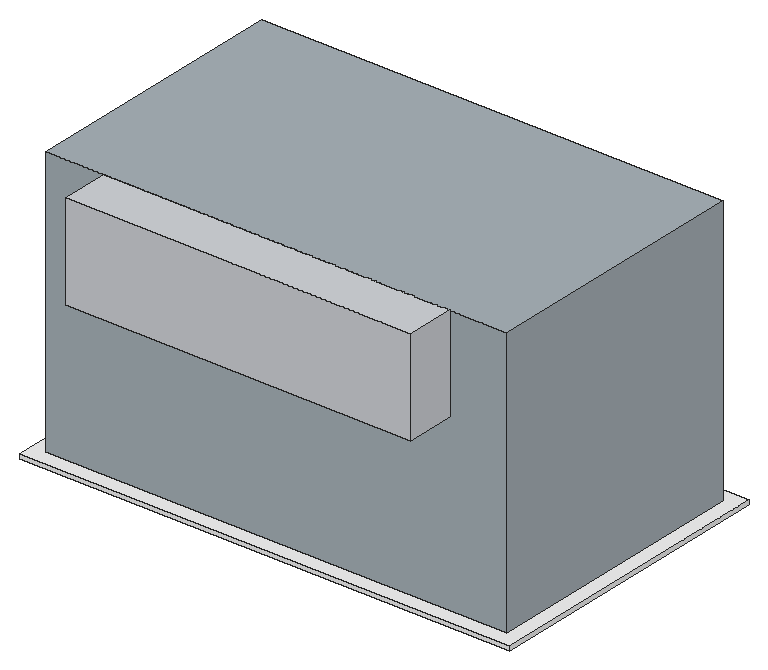
Revit family "QCF600", category Mechanical Equipment, Revit 2016
Family settings
  Part Type = Normal
  Round Connector Dimension = Use Diameter
  OmniClass Number = 23.75.70.21.24.11
  OmniClass Title = Constant Volume Air Terminal Units
  Work Plane-Based = Yes
  Always vertical = Yes
  Cut with Voids When Loaded = No
  Shared = No
  Room Calculation Point = No
Parameters (values of type "QCF600")
  CFM@0.10" S.P. [instance] = 596 CFM
  Frequency [instance] = 60 Hz
  Watt [instance] = 159 W
  Volts_AC [instance] = 120 VA
  Default Elevation = 6' - 0"
  CFM = "SP 0/CFM 642 - SP 0.10/CFM 596 - SP 0.30/CFM 440"
  C. DEPTH [instance] = 0' - 2 1/2"
  A [instance] = 2' - 0"
  E [instance] = 0' - 5"
  URL = "http://www.reversomatic.com/product/qcf-600/"
  RPM [instance] = 29.733 m³
  D [instance] = 1' - 6"
  Model = "QCF600"
  Manufacturer = "REVERSOMATIC"
  C [instance] = 1' - 2"
  B [instance] = 1' - 2"
  Description = "CEILING OR IN-LINE TWIN BLOWER FANS"
  F [instance] = 1' - 3 1/2"
  G [instance] = 2' - 1 1/2"
  Amps [instance] = 4.2 A
Reference planes (in)
  plane 1 "Center (Front/Back)": y = 0
  plane 2: z = 0
  plane 3 "Center (Left/Right)": x = 0
  plane 4: z = 14
  plane 5: y = 7
  plane 6: y = -7
  plane 7: x = 12
  plane 8: x = -12
  plane 9: y = 7.75
  plane 10: x = 12.75
  plane 11: y = -7.75
  plane 12: x = -12.75
  plane 13: x = -9
  plane 14: x = 9
  plane 15: z = 5
Forms (in)
  Extrusion 1, solid, material "Default New Material"
    sketch origin (0, 0, 0) x (1, 0, 0) y (0, 1, 0)
      loop
        line (-12, 7) -> (-12, -7) -> (12, -7) -> (12, 7) -> (-12, 7)
    from 0 to 14
  Extrusion 2, solid, material "Default"
    sketch origin (0, 0, 0) x (0, 1, 0) y (1, 0, 0)
      loop
        line (-7.75, 12.75) -> (-7.75, -12.75) -> (7.75, -12.75) -> (7.75, 12.75) -> (-7.75, 12.75)
    from 0 to 0.24475
  Extrusion 3, solid
    sketch origin (12, -7, 9) x (-1, 0, 0) y (0, 0, -1)
      loop
        line (21, 0) -> (3, 0) -> (3, -5) -> (21, -5) -> (21, 0)
    from 0 to 2.5
Lines and regions (in)
  model lines, not visible
    curve 1: line (-9.88226, 2.47827, 0.12972) -> (-9.88226, -5.27173, 0.12972)
    curve 2: line (-9.39339, 1.7977, 0.08881) -> (-9.39339, -4.7023, 0.08881)
    curve 3: line (-8.82749, 1.22023, 0.04145) -> (-8.82749, -4.02977, 0.04145)
    curve 4: line (-8.31817, 0.7005, -0.00117) -> (-8.31817, -3.5495, -0.00117)
Dimensions and locks (in)
  "C": plane 4 to level
  equal spacing: plane 8, plane 3 "Center (Left/Right)", plane 7
  "A": plane 8 to plane 7
  equal spacing: plane 5, plane 1 "Center (Front/Back)", plane 6
  "B": plane 5 to plane 6
  equal spacing: plane 12, plane 3 "Center (Left/Right)", plane 10
  "G": plane 12 to plane 10
  equal spacing: plane 9, plane 1 "Center (Front/Back)", plane 11
  "F": plane 9 to plane 11
  equal spacing: plane 13, plane 3 "Center (Left/Right)", plane 14
  "D": plane 13 to plane 14
  "E": plane 15 to level
  connector elem to plane 13 = 0' - 9"
  "C. DEPTH": plane 6 to Extrusion 3
  aligned and locked: plane 2 to level
  aligned and locked: plane 4 to Extrusion 1
  aligned and locked: Extrusion 1 to plane 7
  aligned and locked: Extrusion 1 to plane 5
  aligned and locked: plane 8 to Extrusion 1
  aligned and locked: Extrusion 1 to plane 6
  aligned and locked: Extrusion 2 to plane 9
  aligned and locked: plane 10 to Extrusion 2
  aligned and locked: Extrusion 2 to plane 11
  aligned and locked: plane 12 to Extrusion 2
  aligned and locked: Extrusion 3 to plane 13
  aligned and locked: plane 14 to Extrusion 3
Automatic sketch dimensions
  Extrusion 1 sketch curve to plane 3 "Center (Left/Right)" = 1' - 0"
  plane 3 "Center (Left/Right)" to Extrusion 1 sketch curve = 1' - 0"
  plane 1 "Center (Front/Back)" to Extrusion 1 sketch curve = 0' - 7"
  Extrusion 1 sketch curve to plane 1 "Center (Front/Back)" = 0' - 7"
  plane 1 "Center (Front/Back)" to Extrusion 2 sketch curve = 0' - 7 3/4"
  Extrusion 2 sketch curve to plane 1 "Center (Front/Back)" = 0' - 7 3/4"
  plane 3 "Center (Left/Right)" to Extrusion 2 sketch curve = 1' - 0 3/4"
  Extrusion 2 sketch curve to plane 3 "Center (Left/Right)" = 1' - 0 3/4"
  Extrusion 3 sketch curve to Extrusion 1 = 0' - 3"
  Extrusion 1 to Extrusion 3 sketch curve = 0' - 3"
  Extrusion 1 to Extrusion 3 sketch curve = 1' - 2"
  Extrusion 1 to Extrusion 3 sketch curve = 0' - 5"
Connectors (in)
  hvac at (0, -9.5, 11.5), driven by "E", driven by "D"
    settings: on Extrusion 3, index 1, duct flow 0 CFM, flow factor 0, pres drop 0.00 in-wg, loss coef 0, conn angle 0.00°, conn width 18", conn height 5", conn diameter 24", duct sys type 1, conn prof type 1, flow config 0, flow direction 0, loss method 0, conn ref index -1, conn util no, is conn primary yes, conn desc ""
